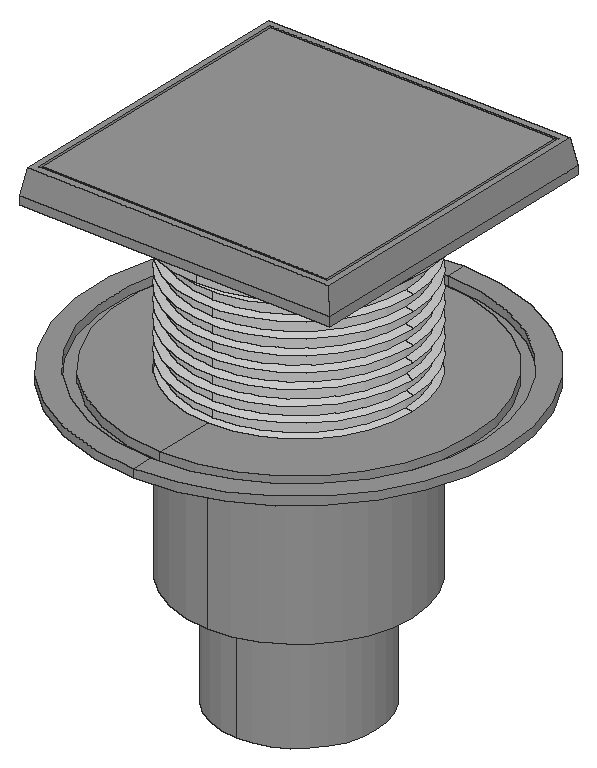
Revit family "HL_Трап для внутренних помещений_HL310NG", category Instalační zařizovací předměty, Revit 2016
Family settings
  Typ součásti = Normální
  Kóta kulaté spojky = Použít průměr
  Číslo OmniClass = 23.70.50.21.24.14
  Nadpis OmniClass = Deck Waste Water Drains
  Založené na pracovní rovině = Ne
  Vždy vertikální = Ano
  Ořezat dutým tvarem při načtení = Ne
  Sdílené = Ano
  Bod výpočtu místnosti = Ano
Parameters (values of type "HL310NG")
  РЕШЁТКА = "35-75 mm / 150 x 150 mm / GJL"
  РАЗМЕР = "DN50/75/110"
  ПРОПУСКНАЯ СПОСОБНОСТЬ = 0.67 L/s
  ПРОИЗВОДИТЕЛЬНОСТЬ = "0,67 l/s"
  ПРАВОВАЯ ИНФОРМАЦИЯ = "Авторские права(©), права на дизайн или какие либо другие права интелектуальной собственности являются исключительной собственностью компании HL Hutterer & Lechner. Изменению не подлежит. Файл семейства с данными о прозводителе изделия защищен паролем с водяным знаком."  # constant formula
  НОМИНАЛЬНЫЙ ДИАМЕТР [instance] = 110 mm
  НАСАДКА = "137 x 137 mm / GJL"
  МАТЕРИАЛ = "PE"
  МАКСИМАЛЬНАЯ НАГРУЗКА КЛАССА = "A/L15 - 1,5 t"
  ВЫСОТА МОНТАЖА = "179 mm"
  ВЕС = "2,40 [kg]"
  Připojení ventilace = no
  Výrobce = "HL Hutterer & Lechner GmbH"  # constant formula
  URL = "http://www.hutterer-lechner.com/ru/Products/catalog/floor-drains/attachments/HL310NG.aspx"
  Připojení odpadu = yes
  Připojení HW = no
  Popis = "Трапы для внутренних помещений"
  Model = "HL310NG"
  Komentáře k typům = "HL310NG Трап для внутренних помещений DN50/75/110 вертикальный 150х150мм/137х137мм чугун."
  Keynote = "HL310NG"
  Высота монтажа [instance] = 237.396 mm
  EAN = "9003076004652"
  DN_Test [instance] = if(or(НОМИНАЛЬНЫЙ ДИАМЕТР = 50 mm, НОМИНАЛЬНЫЙ ДИАМЕТР = 75 mm, НОМИНАЛЬНЫЙ ДИАМЕТР = 110 mm), 30 mm, 0 mm)  # 30 mm
  Připojení CW = no
  B [instance] = if(НОМИНАЛЬНЫЙ ДИАМЕТР = 110 mm, Высота монтажа - 55 mm, Высота монтажа)  # 182.396 mm
  A [instance] = if(B - 100 mm > 15 mm, B - 100 mm, 15 mm)  # 82.396 mm
Reference planes
  plane 1 "Center (Front/Back)": y = 0
  plane 2: z = 0
  plane 3 "Center (Left/Right)": x = 0
  plane 4 "Ball Joint Vertical": x = 0
  plane 5: z = -237.396
  plane 6: z = -182.396
Lines and regions (mm)
  model lines, style "InvisibleLines"
    curve 1: line (0, 0, 0) -> (0, 0, 1000)
  reference lines, not visible
    curve 2: line (0, 0, -55) -> (0, 0, -182.396)
  model lines, detail levels coarse+medium
    curve 3: line (0, 0, -182.396) -> (0, 0, -100)
    curve 4: line (0, 0, -100) -> (100, 0, 0)
    curve 5: line (0, 0, -100) -> (-100, 0, 0)
  symbolic lines, detail levels coarse+medium
    curve 6: line (-75, 75, 0) -> (75, 75, 0)
    curve 7: line (-75, -75, 0) -> (-75, 75, 0)
    curve 8: line (75, -75, 0) -> (-75, -75, 0)
    curve 9: line (75, 75, 0) -> (75, -75, 0)
    curve 10: line (75, 75, 0) -> (145.711, 145.711, 0)
    curve 11: line (75, -75, 0) -> (145.711, -145.711, 0)
    curve 12: line (-75, 75, 0) -> (-145.711, 145.711, 0)
    curve 13: line (-75, -75, 0) -> (-145.711, -145.711, 0)
  symbolic lines, not visible, detail levels coarse+medium
    curve 14: line (-75, 75, 0) -> (75, 75, 0)
    curve 15: line (-75, -75, 0) -> (-75, 75, 0)
    curve 16: line (75, -75, 0) -> (-75, -75, 0)
    curve 17: line (75, 75, 0) -> (75, -75, 0)
    curve 18: line (75, 75, 0) -> (145.711, 145.711, 0)
    curve 19: line (75, -75, 0) -> (145.711, -145.711, 0)
    curve 20: line (-75, 75, 0) -> (-145.711, 145.711, 0)
    curve 21: line (-75, -75, 0) -> (-145.711, -145.711, 0)
  symbolic lines, style "InvisibleLines", not visible
    curve 22: line (0, 0, 0) -> (0, 0, -30)
Text (mm)
  text "ПОЛ" at (-192.125, 0, -17.672), in view "Drain Construction View"
Dimensions and locks
  plane 3 "Center (Left/Right)" to nested 1 = 0 mm
  "Высота монтажа": plane 2 to plane 5
  "A": curve 5 to plane 6
  "B": curve 5 to plane 6
  "B": curve 4 to plane 6
  "B": plane 2 to plane 6
  "DN_Test": curve 22 to curve 22
  locked: curve 4 to plane 3 "Center (Left/Right)" (angle 45.00°)
  locked: plane 3 "Center (Left/Right)" to curve 5 (angle 45.00°)
  aligned and locked: level to plane 2
  aligned and locked: plane 2 to curve 1
  aligned and locked: plane 3 "Center (Left/Right)" to curve 1
  aligned and locked: plane 3 "Center (Left/Right)" to curve 3
  aligned and locked: plane 3 "Center (Left/Right)" to curve 5
  aligned and locked: plane 6 to curve 2
  aligned and locked: plane 5 to nested 1
  aligned and locked: plane 2 to nested 4
  aligned and locked: plane 2 to nested 3
  aligned and locked: plane 6 to curve 3
  aligned and locked: curve 2 to plane 3 "Center (Left/Right)"
Automatic sketch dimensions
  curve 2 to level = 55 mm
  level to curve 1 = 1000 mm
Nested families
  nested 1: "HL_Корпус для трапа внутренних помещений_HL310NK" at (0, 0, -93), type "HL310NK_Main Component"
  nested 2: "HL_Вкладыш сифона_HL0510.7E" at (0, 0, -25.8), type "HL0510.7E_Main Component"
  nested 3: "HL_Решётка_HL037G.1E" at (0, 0, 0), type "HL037G.1E_Main Component"
  nested 4: "HL_Насадная деталь_HL037G.2E" at (0, 0, 0), type "HL037G.2E_Main Component"
    with Высота монтажа 75 mm, RN 9, RL 58.5 mm, R yes, NL_Test yes, NL 95 mm
Connectors
  piping at (0, 0, -182.396), diameter 110, driven by "ПРОПУСКНАЯ СПОСОБНОСТЬ", driven by "НОМИНАЛЬНЫЙ ДИАМЕТР"
    settings: on curve 2, index 1, connector inside diameter 609.6 mm, connector length 0 mm, flow factor 0, pipe flow 0.67 L/s, pressure drop 0.0 Pa, fitting loss kfactor 0, connector angle 0.00°, fixture units 0, engagement length 0 mm, angle of deflection 0.00°, flow configuration 1, flow direction 2, fitting loss method 0, system type 16, joint type 0, gender type 0, connector reference index -1, connector utility 0, adjustable connector no, is connector primary yes, connector description ""
Definition of nested family "HL_Корпус для трапа внутренних помещений_HL310NK"
  Parameters (values of type "HL310NK")
    РАЗМЕР = "DN50/75/110"
    ПРАВОВАЯ ИНФОРМАЦИЯ = "Авторские права(©), права на дизайн или какие либо другие права интелектуальной собственности являются исключительной собственностью компании HL Hutterer & Lechner. Изменению не подлежит. Файл семейства с данными о прозводителе изделия защищен паролем с водяным знаком."  # constant formula
    МАТЕРИАЛ = "PE"
    ВЫСОТА МОНТАЖА = "144 mm"
    ВЕС = "0,23 [kg]"
    Waste Connection = yes
    Vent Connection = no
    Manufacturer = "HL Hutterer & Lechner GmbH"  # constant formula
    URL = "http://www.hutterer-lechner.com/ru/products/catalog/floor-drains/attachments/HL310nk.aspx"
    HW Connection = no
    Description = "Трапы для внутренних помещений - Комплектующие"
    Model = "HL310NK"
    Type Comments = "HL310NK пус трапа для внутренних помещений DN50/75/110 вертикальный"
    Keynote = "HL310NK"
    EAN = "9003076008674"
    CW Connection = no
  Reference planes
    plane 1 "Center (Front/Back)": y = 0
    plane 2: z = 0
    plane 3 "Center (Left/Right)": x = 0
    plane 4 "Ball Joint Vertical": x = 25.45
  Forms (mm)
    Revolve 1, solid, detail levels fine
      sketch origin (0, 0, 0) x (0, 1, 0) y (0, 0, 1)
        loop
          line (55.35, 0) -> (55.35, -22) -> (52, -22) -> (52, -86.396) -> (20, -86.396) -> (20, -88.396) -> (22, -88.396) -> (22, -89.396) -> (22, -144.396) -> (25, -144.396) -> (25, -89.396) -> (34.5, -89.396) -> (34.5, -144.396) -> (37.5, -144.396) -> (37.5, -89.396) -> (55, -89.396) -> (55, -27) -> (58.349, -27) -> (58.349, -7.5) -> (93, -7.5) -> (93, -4) -> (100, -4) -> (100, 0) -> (90, 0) -> (90, -4) -> (84, -4) -> (84, 0) -> (55.35, 0)
        axis (0, 0) -> (0, -144.396)
      angle from 0 to 360
  Text (mm)
    text "ROOF/FLOOR" at (-198.233, 0, -26.556), in view "Drain Construction View"
  Dimensions and locks
    locked: plane 4 "Ball Joint Vertical" to plane 3 "Center (Left/Right)" at 25.45
    aligned and locked: level to plane 2
Definition of nested family "HL_Вкладыш сифона_HL0510.7E"
  Parameters (values of type "HL0510.7E")
    ПРАВОВАЯ ИНФОРМАЦИЯ = "Авторские права(©), права на дизайн или какие либо другие права интелектуальной собственности являются исключительной собственностью компании HL Hutterer & Lechner. Изменению не подлежит. Файл семейства с данными о прозводителе изделия защищен паролем с водяным знаком."  # constant formula
    МАТЕРИАЛ = "PP"
    ВЕС = "0,08 [kg]"
    Waste Connection = yes
    Vent Connection = no
    Manufacturer = "HL Hutterer & Lechner GmbH"  # constant formula
    URL = "http://www.hutterer-lechner.com/ru/products/catalog/floor-drains/attachments/HL0510.7e.aspx"
    HW Connection = no
    Description = "Трапы для внутренних помещений - Комплектующие"
    Model = "HL0510.7E"
    Type Comments = "HL0510.7E Вкладыш запахозапирающий комплектный"
    Keynote = "HL0510.7E"
    EAN = "9003076051076"
    CW Connection = no
  Reference planes
    plane 1 "Center (Front/Back)": y = 0
    plane 2: z = 0
    plane 3 "Center (Left/Right)": x = 0
    plane 4 "Ball Joint Vertical": x = 25.45
  Forms (mm)
    Revolve 1, solid, detail levels fine
      sketch origin (0, 0, 0) x (0, 1, 0) y (0, 0, 1)
        loop
          line (20, -68.2) -> (20, -11) -> (18.2, -11) -> (18.2, -70) -> (45, -70) -> (45, -36) -> (48.834, -36) -> (48.834, -14) -> (49.7, -14) -> (49.7, -2) -> (53, -2) -> (53, 0) -> (45, 0) -> (45, -29.222) -> (43.93, -33.62) -> (43.13, -33.62) -> (43.13, -68.2) -> (20, -68.2)
        loop
          line (36.103, -61) -> (36.103, 0) -> (0, 0) -> (0, -1.8) -> (34.307, -1.8) -> (34.307, -61) -> (36.103, -61)
        axis (0, 0) -> (0, -70)
      angle from 0 to 360
    Extrusion 2, solid, detail levels fine
      sketch origin (0, 0, 0) x (1, 0, 0) y (0, 1, 0)
        loop
          line (-24.1, 5.7) -> (-24.1, -5.7) -> (-4, -5.7) -> (-4, -23) -> (4, -23) -> (4, -5.7) -> (24.1, -5.7) -> (24.1, 5.7) -> (4, 5.7) -> (4, 23) -> (-4, 23) -> (-4, 5.7) -> (-24.1, 5.7)
      from -82.5 to -81
    Extrusion 3, solid, detail levels fine
      sketch origin (0, 0, 0) x (1, 0, 0) y (0, 1, 0)
        loop
          line (-24.1, 5.7) -> (-24.1, -5.7) -> (-18.9, -5.7) -> (-18.9, 5.7) -> (-24.1, 5.7)
        loop
          line (18.9, 5.7) -> (18.9, -5.7) -> (24.1, -5.7) -> (24.1, 5.7) -> (18.9, 5.7)
      from -81 to -70
    Revolve 4, solid, detail levels fine
      sketch origin (0, 0, 0) x (0, 1, 0) y (0, 0, 1)
        loop
          arc (49.7, -10.914) -> (51.118, -9) -> (49.7, -7.086) r 2
          line (49.7, -7.086) -> (49.7, -10.914)
        axis (0, -7.086) -> (0, -10.914)
      angle from 0 to 360
  Cuts and joins
    joined: Revolve 1, Extrusion 2, Extrusion 3
  Text (mm)
    text "ROOF/FLOOR" at (-198.233, 0, -26.556), in view "Drain Construction View"
  Dimensions and locks
    locked: plane 4 "Ball Joint Vertical" to plane 3 "Center (Left/Right)" at 25.45
    aligned and locked: level to plane 2
Definition of nested family "HL_Решётка_HL037G.1E"
  Parameters (values of type "HL037G.1E")
    РАЗМЕР = "137x137mm"
    ПРАВОВАЯ ИНФОРМАЦИЯ = "Авторские права(©), права на дизайн или какие либо другие права интелектуальной собственности являются исключительной собственностью компании HL Hutterer & Lechner. Изменению не подлежит. Файл семейства с данными о прозводителе изделия защищен паролем с водяным знаком."  # constant formula
    МАТЕРИАЛ = "Gusseisen"
    МАКСИМАЛЬНАЯ НАГРУЗКА КЛАССА = "A/L15 - 1,5 t"
    ВЕС = "0,91 [kg]"
    Waste Connection = yes
    Vent Connection = no
    Manufacturer = "HL Hutterer & Lechner GmbH"  # constant formula
    URL = "http://www.hutterer-lechner.com/ru/Products/catalog/floor-drains/attachments/HL037G.1E.aspx"
    HW Connection = no
    Description = "Трапы для внутренних помещений - Комплектующие"
    Model = "HL037G.1E"
    Type Comments = "HL037G.1E Чугунные решетки для сливных отверстий 137х137мм"
    Keynote = "HL037G.1E"
    EAN = "9003076009046"
    CW Connection = no
  Reference planes
    plane 1 "Center (Front/Back)": y = 0
    plane 2: z = 0
    plane 3 "Center (Left/Right)": x = 0
    plane 4 "Ball Joint Vertical": x = 25.45
  Forms (mm)
    Extrusion 1, solid, detail levels fine
      sketch origin (0, 0, 0) x (1, 0, 0) y (0, 1, 0)
        loop
          line (-69, 69) -> (-69, -69) -> (69, -69) -> (69, 69) -> (-69, 69)
      from 0 to -8
  Lines and regions (mm)
    model lines, detail levels fine
      curve 1: line (-8.15, 4.25, 0) -> (-8.15, -4.25, 0)
      curve 2: line (-6.4, 1.625, 0) -> (-6.4, 4.25, 0)
      curve 3: line (-2.65, 0.875, 0) -> (-5.65, 0.875, 0)
      curve 4: line (-5.65, -0.875, 0) -> (-2.65, -0.875, 0)
      curve 5: line (-6.4, -4.25, 0) -> (-6.4, -1.625, 0)
      curve 6: line (-0.15, -4.25, 0) -> (-0.15, 4.25, 0)
      curve 7: line (1.65, 4.25, 0) -> (1.65, -4.25, 0)
      curve 8: line (3.4, -2.5, 0) -> (3.4, 4.25, 0)
      curve 9: line (7.4, -3.25, 0) -> (4.15, -3.25, 0)
      curve 10: line (2.4, -5, 0) -> (7.4, -5, 0)
      curve 11: arc (-8.15, -4.25, 0) -> (-7.275, -5.125, 0) -> (-6.4, -4.25, 0) r 0.875
      curve 12: arc (-8.15, 4.25, 0) -> (-7.275, 5.125, 0) -> (-6.4, 4.25, 0) r 0.875
      curve 13: arc (-6.4, 1.625, 0) -> (-6.18, 1.095, 0) -> (-5.65, 0.875, 0) r 0.75
      curve 14: arc (-5.65, -0.875, 0) -> (-6.18, -1.095, 0) -> (-6.4, -1.625, 0) r 0.75
      curve 15: arc (-2.65, -0.875, 0) -> (-2.12, -1.095, 0) -> (-1.9, -1.625, 0) r 0.75
      curve 16: arc (-2.65, 0.875, 0) -> (-2.12, 1.095, 0) -> (-1.9, 1.625, 0) r 0.75
      curve 17: arc (-1.9, 4.25, 0) -> (-1.025, 5.125, 0) -> (-0.15, 4.25, 0) r 0.875
      curve 18: arc (1.65, 4.25, 0) -> (2.525, 5.125, 0) -> (3.4, 4.25, 0) r 0.875
      curve 19: arc (7.4, -3.25, 0) -> (8.275, -4.125, 0) -> (7.4, -5, 0) r 0.875
      curve 20: arc (4.15, -3.25, 0) -> (3.62, -3.03, 0) -> (3.4, -2.5, 0) r 0.75
      curve 21: arc (1.65, -4.25, 0) -> (1.87, -4.78, 0) -> (2.4, -5, 0) r 0.75
      curve 22: arc (-1.9, -4.25, 0) -> (-1.025, -5.125, 0) -> (-0.15, -4.25, 0) r 0.875
      curve 23: line (-1.9, -1.625, 0) -> (-1.9, -4.25, 0)
      curve 24: line (-1.9, 1.625, 0) -> (-1.9, 4.25, 0)
      curve 25: line (-10.607, 16.263, 0) -> (-28.989, 34.646, 0)
      curve 26: line (-34.646, 28.989, 0) -> (-16.263, 10.607, 0)
      curve 27: line (-21.211, 38.181, 0) -> (-12.021, 28.991, 0)
      curve 28: line (-6.364, 34.648, 0) -> (-15.554, 43.838, 0)
      curve 29: line (-28.991, 12.021, 0) -> (-38.181, 21.211, 0)
      curve 30: line (-43.838, 15.554, 0) -> (-34.648, 6.364, 0)
      curve 31: arc (-43.838, 15.554, 0) -> (-43.838, 21.211, 0) -> (-38.181, 21.211, 0) r 4
      curve 32: arc (-28.991, 12.021, 0) -> (-28.991, 6.364, 0) -> (-34.648, 6.364, 0) r 4
      curve 33: arc (-34.646, 28.989, 0) -> (-34.646, 34.646, 0) -> (-28.989, 34.646, 0) r 4
      curve 34: arc (-16.263, 10.607, 0) -> (-10.607, 10.607, 0) -> (-10.607, 16.263, 0) r 4
      curve 35: arc (-12.021, 28.991, 0) -> (-6.364, 28.991, 0) -> (-6.364, 34.648, 0) r 4
      curve 36: arc (-21.211, 38.181, 0) -> (-21.211, 43.838, 0) -> (-15.554, 43.838, 0) r 4
      curve 37: line (16.263, 10.607, 0) -> (34.646, 28.989, 0)
      curve 38: line (28.989, 34.646, 0) -> (10.607, 16.263, 0)
      curve 39: line (38.181, 21.211, 0) -> (28.991, 12.021, 0)
      curve 40: line (34.648, 6.364, 0) -> (43.838, 15.554, 0)
      curve 41: line (12.021, 28.991, 0) -> (21.211, 38.181, 0)
      curve 42: line (15.554, 43.838, 0) -> (6.364, 34.648, 0)
      curve 43: arc (15.554, 43.838, 0) -> (21.211, 43.838, 0) -> (21.211, 38.181, 0) r 4
      curve 44: arc (12.021, 28.991, 0) -> (6.364, 28.991, 0) -> (6.364, 34.648, 0) r 4
      curve 45: arc (28.989, 34.646, 0) -> (34.646, 34.646, 0) -> (34.646, 28.989, 0) r 4
      curve 46: arc (10.607, 16.263, 0) -> (10.607, 10.607, 0) -> (16.263, 10.607, 0) r 4
      curve 47: arc (28.991, 12.021, 0) -> (28.991, 6.364, 0) -> (34.648, 6.364, 0) r 4
      curve 48: arc (38.181, 21.211, 0) -> (43.838, 21.211, 0) -> (43.838, 15.554, 0) r 4
      curve 49: line (-10.607, -16.263, 0) -> (-28.989, -34.646, 0)
      curve 50: line (-34.646, -28.989, 0) -> (-16.263, -10.607, 0)
      curve 51: line (-21.211, -38.181, 0) -> (-12.021, -28.991, 0)
      curve 52: line (-6.364, -34.648, 0) -> (-15.554, -43.838, 0)
      curve 53: line (-28.991, -12.021, 0) -> (-38.181, -21.211, 0)
      curve 54: line (-43.838, -15.554, 0) -> (-34.648, -6.364, 0)
      curve 55: arc (-43.838, -15.554, 0) -> (-43.838, -21.211, 0) -> (-38.181, -21.211, 0) r 4
      curve 56: arc (-28.991, -12.021, 0) -> (-28.991, -6.364, 0) -> (-34.648, -6.364, 0) r 4
      curve 57: arc (-34.646, -28.989, 0) -> (-34.646, -34.646, 0) -> (-28.989, -34.646, 0) r 4
      curve 58: arc (-16.263, -10.607, 0) -> (-10.607, -10.607, 0) -> (-10.607, -16.263, 0) r 4
      curve 59: arc (-12.021, -28.991, 0) -> (-6.364, -28.991, 0) -> (-6.364, -34.648, 0) r 4
      curve 60: arc (-21.211, -38.181, 0) -> (-21.211, -43.838, 0) -> (-15.554, -43.838, 0) r 4
      curve 61: line (16.263, -10.607, 0) -> (34.646, -28.989, 0)
      curve 62: line (28.989, -34.646, 0) -> (10.607, -16.263, 0)
      curve 63: line (38.181, -21.211, 0) -> (28.991, -12.021, 0)
      curve 64: line (34.648, -6.364, 0) -> (43.838, -15.554, 0)
      curve 65: line (12.021, -28.991, 0) -> (21.211, -38.181, 0)
      curve 66: line (15.554, -43.838, 0) -> (6.364, -34.648, 0)
      curve 67: arc (15.554, -43.838, 0) -> (21.211, -43.838, 0) -> (21.211, -38.181, 0) r 4
      curve 68: arc (12.021, -28.991, 0) -> (6.364, -28.991, 0) -> (6.364, -34.648, 0) r 4
      curve 69: arc (28.989, -34.646, 0) -> (34.646, -34.646, 0) -> (34.646, -28.989, 0) r 4
      curve 70: arc (10.607, -16.263, 0) -> (10.607, -10.607, 0) -> (16.263, -10.607, 0) r 4
      curve 71: arc (28.991, -12.021, 0) -> (28.991, -6.364, 0) -> (34.648, -6.364, 0) r 4
      curve 72: arc (38.181, -21.211, 0) -> (43.838, -21.211, 0) -> (43.838, -15.554, 0) r 4
    model lines
      curve 73: line (0, 0, 0) -> (0, 0, 100)
  Text (mm)
    text "ROOF/FLOOR" at (-198.233, 0, -26.556), in view "Drain Construction View"
  Dimensions and locks
    locked: plane 4 "Ball Joint Vertical" to plane 3 "Center (Left/Right)" at 25.45
    aligned and locked: level to plane 2
Definition of nested family "HL_Насадная деталь_HL037G.2E"
  Parameters (values of type "HL037G.2E")
    РАЗМЕР = "d 110 mm"
    ПРАВОВАЯ ИНФОРМАЦИЯ = "Авторские права(©), права на дизайн или какие либо другие права интелектуальной собственности являются исключительной собственностью компании HL Hutterer & Lechner. Изменению не подлежит. Файл семейства с данными о прозводителе изделия защищен паролем с водяным знаком."  # constant formula
    НАСАДКА = "150x150mm"
    МАКСИМАЛЬНАЯ НАГРУЗКА КЛАССА = "A/L15 - 1,5 t"
    Высота монтажа [instance] = 75 mm
    ВЕС = "2,03 [kg]"
    Waste Connection = yes
    Vent Connection = no
    RD = 6.5 mm  # constant formula
    R [instance] = ((Высота монтажа - NL_Min) / RD - 1) > 2  # yes
    RL [instance] = RD * RN  # 58.5 mm
    NL_Test [instance] = and(or(Высота монтажа < NL_Max, Высота монтажа = NL_Max), or(Высота монтажа > NL_Min, Высота монтажа = NL_Min))  # yes
    NL_Min = 30 mm
    NL_Max = 95 mm
    NL [instance] = if(NL_Test, Высота монтажа + 20 mm, 0 mm)  # 95 mm
    RN [instance] = if((Высота монтажа + 20 mm - NL_Min) / RD - 1 < 2, 2, (Высота монтажа + 20 mm - NL_Min) / RD - 1)  # 9
    Manufacturer = "HL Hutterer & Lechner GmbH"  # constant formula
    URL = "http://www.hutterer-lechner.com/ru/Products/catalog/floor-drains/attachments/HL037G.2E.aspx"
    HW Connection = no
    Description = "Трапы для внутренних помещений - Комплектующие"
    Model = "HL037G.2E"
    Type Comments = "HL037G.2E Подрамники d 110 мм из чугуна 150х150 мм"
    Keynote = "HL037G.2E"
    EAN = "9003076025404"
    CW Connection = no
  Reference planes
    plane 1 "Center (Front/Back)": y = 0
    plane 2: z = 0
    plane 3 "Center (Left/Right)": x = 0
    plane 4 "Ball Joint Vertical": x = 25.45
    plane 5: z = -95
  Forms (mm)
    Extrusion 1, solid, detail levels fine
      sketch origin (0, 0, 0) x (1, 0, 0) y (0, 1, 0)
        loop
          line (-75, 75) -> (-75, -75) -> (75, -75) -> (75, 75) -> (-75, 75)
        loop
          circle (0, 0) r 50.15
      from -12 to -16
    Sweep 2, solid, detail levels fine
      path in 3D
        loop
          line (-75, 75, -12) -> (-75, -75, -12) -> (75, -75, -12) -> (75, 75, -12) -> (-75, 75, -12)
      profile origin (0, 75, -12) x (0, -1, 0) y (0, 0, 1)
        loop
          line (2.116, 12) -> (0, 0) -> (15, 0) -> (15, 4) -> (5, 4) -> (5, 12) -> (2.116, 12)
    Extrusion 3, solid, detail levels fine
      sketch origin (0, 0, 0) x (1, 0, 0) y (0, 1, 0)
        loop
          line (-60, 60) -> (-60, -60) -> (60, -60) -> (60, 60) -> (-60, 60)
        loop
          circle (0, 0) r 50.5
      from -8 to -12
    Revolve 4, solid, detail levels fine
      sketch origin (0, 0, 0) x (0, 1, 0) y (0, 0, 1)
        loop
          line (64.5, -16) -> (62.224, -16) -> (59.8, -18.424) -> (59.8, -27.8) -> (50.15, -27.8) -> (50.15, -29.5) -> (50.15, -95) -> (51.85, -95) -> (51.85, -29.5) -> (61.5, -29.5) -> (61.5, -19) -> (64.5, -16)
        axis (0, -16) -> (0, -95)
      angle from 0 to 360
  Cuts and joins
    joined: Extrusion 1, Sweep 2, Extrusion 3
  Lines and regions (mm)
    symbolic lines
      curve 1: line (0, 0, -95) -> (0, 0, 0)
    sketch lines
      curve 2: line (75, 75, -12) -> (-75, 75, -12)
      curve 3: line (75, -75, -12) -> (75, 75, -12)
      curve 4: line (-75, -75, -12) -> (75, -75, -12)
      curve 5: line (-75, 75, -12) -> (-75, -75, -12)
  Text (mm)
    text "ROOF/FLOOR" at (-198.233, 0, -26.556), in view "Drain Construction View"
  Dimensions and locks
    locked: plane 4 "Ball Joint Vertical" to plane 3 "Center (Left/Right)" at 25.45
    "NL": plane 2 to plane 5
    equal spacing: group 1, group 3, group 4, group 5, group 6, group 7, group 8, group 9, group 2  (x3)
    "RL": nested 2 to nested 1
    locked: nested 1 to plane 5 at 1.516
    aligned and locked: level to plane 2
    aligned and locked: plane 3 "Center (Left/Right)" to nested 1
    aligned and locked: plane 1 "Center (Front/Back)" to nested 1
    aligned and locked: plane 2 to curve 1
    aligned and locked: plane 5 to curve 1
    aligned and locked: plane 5 to Revolve 4
  Automatic sketch dimensions
    curve 1 to plane 4 "Ball Joint Vertical" = 25.45 mm
    Extrusion 1 sketch curve to Extrusion 1 sketch curve = 0 mm  (x2)
    plane 1 "Center (Front/Back)" to Extrusion 1 sketch curve = 0 mm
    Extrusion 1 sketch curve to plane 3 "Center (Left/Right)" = 0 mm
    Extrusion 1 sketch curve to plane 3 "Center (Left/Right)" = 75 mm
    plane 4 "Ball Joint Vertical" to Extrusion 1 sketch curve = 49.55 mm
    plane 1 "Center (Front/Back)" to Extrusion 1 sketch curve = 75 mm
    Extrusion 1 sketch curve to plane 1 "Center (Front/Back)" = 75 mm
    plane 1 "Center (Front/Back)" to Extrusion 1 sketch curve = 5.198 mm
    Extrusion 1 sketch curve to plane 3 "Center (Left/Right)" = 49.88 mm
    Extrusion 1 sketch curve to plane 1 "Center (Front/Back)" = 5.198 mm
    Sweep 2 sketch curve to profile plane = 0 mm  (x2)
    Sweep 2 sketch curve to profile plane = 2.116 mm
    Sweep 2 sketch curve to Sweep 2 sketch curve = 2.884 mm
    profile plane to Sweep 2 sketch curve = 4 mm
    Sweep 2 sketch curve to Sweep 2 sketch curve = 10 mm
    Sweep 2 sketch curve to Sweep 2 sketch curve = 8 mm
    Extrusion 3 sketch curve to Extrusion 3 sketch curve = 0 mm  (x2)
    plane 1 "Center (Front/Back)" to Extrusion 3 sketch curve = 0 mm
    Extrusion 3 sketch curve to plane 3 "Center (Left/Right)" = 0 mm
    Extrusion 3 sketch curve to plane 3 "Center (Left/Right)" = 60 mm
    plane 4 "Ball Joint Vertical" to Extrusion 3 sketch curve = 34.55 mm
    plane 1 "Center (Front/Back)" to Extrusion 3 sketch curve = 60 mm
    Extrusion 3 sketch curve to plane 1 "Center (Front/Back)" = 60 mm
    Extrusion 3 sketch curve to plane 1 "Center (Front/Back)" = 5.234 mm
    Extrusion 3 sketch curve to plane 3 "Center (Left/Right)" = 50.228 mm
    plane 1 "Center (Front/Back)" to Extrusion 3 sketch curve = 5.234 mm
    Revolve 4 sketch curve to plane 1 "Center (Front/Back)" = 0 mm
    Revolve 4 sketch curve to plane 1 "Center (Front/Back)" = 50.15 mm
    Revolve 4 sketch curve to Revolve 4 sketch curve = 1.7 mm  (x3)
    Revolve 4 sketch curve to Revolve 4 sketch curve = 7.95 mm
    Revolve 4 sketch curve to level = 16 mm
    Revolve 4 sketch curve to Revolve 4 sketch curve = 0.724 mm
    Revolve 4 sketch curve to Revolve 4 sketch curve = 2.276 mm
    Revolve 4 sketch curve to Revolve 4 sketch curve = 2.424 mm
    Revolve 4 sketch curve to Revolve 4 sketch curve = 0.576 mm
    Revolve 4 sketch curve to Revolve 4 sketch curve = 9.376 mm
    Revolve 4 sketch curve to Revolve 4 sketch curve = 0 mm
    Revolve 4 sketch curve to plane 5 = 0 mm
    Revolve 4 sketch curve to plane 5 = 60 mm
    level to Revolve 4 sketch curve = 50 mm
  Nested families
    nested 1: "Ring" at (0, 0, -93.484), visible <- "R", type "Ring"
    nested 2: "Ring" at (0, 0, -34.984), visible <- "R", type "Ring"
    nested 3: "Ring" at (0, 0, -86.171), visible <- "R", type "Ring"
    nested 4: "Ring" at (0, 0, -78.859), visible <- "R", type "Ring"
    nested 5: "Ring" at (0, 0, -71.546), visible <- "R", type "Ring"
    nested 6: "Ring" at (0, 0, -64.234), visible <- "R", type "Ring"
    nested 7: "Ring" at (0, 0, -56.921), visible <- "R", type "Ring"
    nested 8: "Ring" at (0, 0, -49.609), visible <- "R", type "Ring"
    nested 9: "Ring" at (0, 0, -42.296), visible <- "R", type "Ring"
  Definition of nested family "Ring"
    Parameters (values of type "Ring")
      Manufacturer = ""
      URL = ""
      R = D / 2  # 51.5 mm
      Description = ""
      Model = ""
      Material = none
      Type Comments = ""
      D = 103 mm
      Cost = 0
    Reference planes
      plane 1 "Střed (vpředu/vzadu)": y = 0
      plane 2: z = 0
      plane 3 "Střed (vlevo/vpravo)": x = 0
    Forms (mm)
      Revolve 1, solid, material <- "Material", detail levels fine
        sketch origin (0, 0, 0) x (1, 0, 0) y (0, 0, 1)
          loop
            line (-51.5, 1.482) -> (-54.764, 0) -> (-51.5, -1.516) -> (-51.5, 1.482)
          axis (0, 1.482) -> (0, -1.516)
        angle from 0 to 360
    Dimensions and locks
      "R": Revolve 1 sketch curve to plane 3 "Střed (vlevo/vpravo)"
      aligned and locked: level to plane 2
      aligned and locked: Revolve 1 sketch curve to plane 3 "Střed (vlevo/vpravo)"
    Automatic sketch dimensions
      Revolve 1 sketch curve to level = 0 mm
      Revolve 1 sketch curve to Revolve 1 sketch curve = 3.264 mm
      Revolve 1 sketch curve to level = 1.516 mm
      level to Revolve 1 sketch curve = 1.482 mm
      Revolve 1 sketch curve to level = 381 mm
      Revolve 1 sketch curve to Revolve 1 sketch curve = 2212.833 mm
